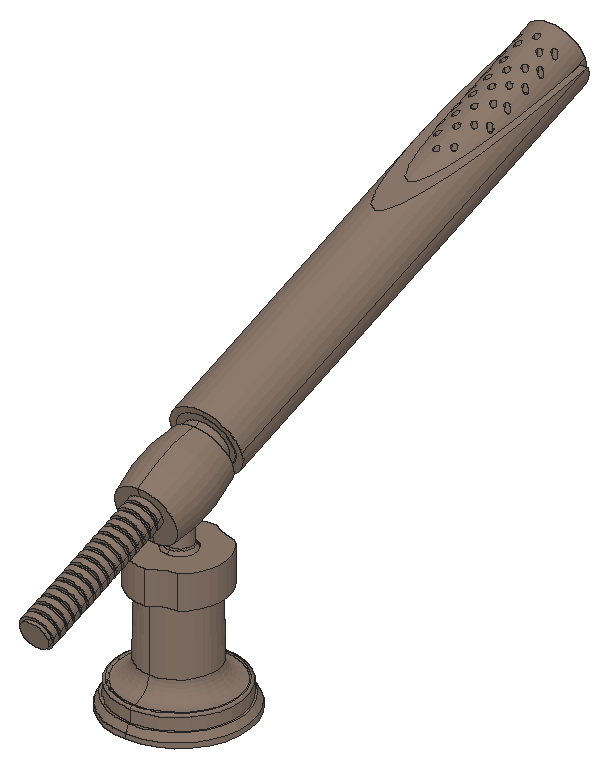
Revit family "fg55085", category Generic Models, host Face, Revit 2013
Parameters (values of type "Champagne Bronze")
  Unit = Bronze
  URL = "www.deltafaucet.com"
  Model = "55085"  # constant formula
  Manufacturer = "Delta"  # constant formula
  Description = "Wall-Mount Hand Shower"
  Default Elevation = 1524.00 mm
Types (5, lengths in mm): name | Unit
  (no name) | Bronze
  Chrome | Metal - Chrome
  Champagne Bronze | Bronze
  Venetian Bronze | Bronze, Architectural
  Stainless | Stainless Steel
Reference planes
  plane 1 "Center (Front/Back)": y = 0
  plane 2: z = 0
  plane 3 "Center (Left/Right)": x = 0
Dimensions and locks
  aligned and locked: plane 2 to host face
  aligned and locked: level to host face
  aligned and locked: plane 1 "Center (Front/Back)" to nested 1
Nested families
  nested 1: "55085" at (255.514, 0, 61.1) x (-1, 0, 0) z (0, 1, 0), type "55085"
Definition of nested family "55085"
  Parameters (values of type "Delta Bath Trinsic 55085")
    URL = "http://www.deltafaucet.com "
    Unit = Stainless Steel
    Model = "55085"
    Manufacturer = "Delta"
    Default Elevation = 1219.20 mm
  Reference planes
    plane 1 "Center (Front/Back)": y = 0
    plane 2: z = 0
    plane 3 "Center (Left/Right)": x = 0
  Forms (mm)
    Sweep 1, solid, material "Stainless Steel" <- "Unit"
      path origin (255, -845.935, -495.26) x (0, 0.984648, -0.174554) y (0, 0.174554, 0.984648)
        loop
          line (710.282, 643.435) -> (611.295, 814.886)
      profile origin (255, -68.013, 107.363) x (0, -0.940007, -0.341156) y (1, 0, 0)
        loop
          circle (0, 0.227) r 12
    Sweep 2, solid, material "Stainless Steel" <- "Unit"
      path origin (255, -845.806, -495.213) x (0, 0.984648, -0.174554) y (0, 0.174554, 0.984648)
        loop
          line (710.282, 643.435) -> (612.782, 812.31)
      profile origin (255, -67.377, 106.012) x (0, -0.940007, -0.341156) y (1, 0, 0)
        loop
          circle (0, 0) r 15
    Extrusion 3, void
      sketch origin (0, -304.323, 39.591) x (0, 0.984648, -0.174554) y (0, 0.174554, 0.984648)
        loop
          line (172.965, 191.199) -> (159.417, 183.377) -> (208.801, 97.841) -> (172.965, 191.199)
      from 238.253 to 272.352
    Extrusion 4, void
      sketch origin (0, -39.048, -13.466) x (1, 0, 0) y (0, 0.174554, 0.984648)
        loop
          circle (247.066, 187.598) r 1.252
      from 100.233 to 104.605
    Extrusion 5, void
      sketch origin (8.026, -39.048, -13.466) x (1, 0, 0) y (0, 0.174554, 0.984648)
        loop
          circle (247.066, 187.598) r 1.252
      from 100.233 to 108.481
    Extrusion 6, void
      sketch origin (509.993, -39.048, -13.466) x (-1, 0, 0) y (0, -0.174554, -0.984648)
        loop
          circle (247.066, -187.598) r 1.252
      from 100.233 to 104.605
    Extrusion 7, void
      sketch origin (3.493, -39.708, -17.191) x (1, 0, 0) y (0, 0.174554, 0.984648)
        loop
          circle (247.066, 187.598) r 1.252
      from 100.233 to 104.605
    Extrusion 8, void
      sketch origin (-0.35, -40.324, -20.668) x (1, 0, 0) y (0, 0.174554, 0.984648)
        loop
          circle (247.066, 187.598) r 1.252
      from 95.527 to 99.496
    Extrusion 9, void
      sketch origin (506.691, -39.708, -17.191) x (-1, 0, 0) y (0, -0.174554, -0.984648)
        loop
          circle (247.066, -187.598) r 1.252
      from 100.233 to 104.605
    Extrusion 10, void
      sketch origin (16.212, -40.324, -20.668) x (1, 0, 0) y (0, 0.174554, 0.984648)
        loop
          circle (247.066, 187.598) r 1.252
      from 95.527 to 101.363
    Extrusion 11, void
      sketch origin (506.691, 24.543, 345.242) x (-1, 0, 0) y (0, -0.174554, -0.984648)
        loop
          circle (247.066, 187.598) r 1.252
      from 97.091 to 101.363
    Extrusion 12, void
      sketch origin (3.493, 24.543, 345.242) x (1, 0, 0) y (0, 0.174554, 0.984648)
        loop
          circle (247.066, -187.598) r 1.252
      from 97.091 to 101.363
    Extrusion 13, void
      sketch origin (8.026, 23.882, 341.517) x (1, 0, 0) y (0, 0.174554, 0.984648)
        loop
          circle (247.066, -187.598) r 1.252
      from 95.527 to 100.233
    Extrusion 14, void
      sketch origin (506.691, -42.27, -31.645) x (-1, 0, 0) y (0, -0.174554, -0.984648)
        loop
          circle (247.066, -187.598) r 1.252
      from 93.094 to 97.091
    Extrusion 15, void
      sketch origin (16.212, 22.597, 334.266) x (1, 0, 0) y (0, 0.174554, 0.984648)
        loop
          circle (247.066, -187.598) r 1.252
      from 88.183 to 95.527
    Extrusion 16, void
      sketch origin (3.493, -42.27, -31.645) x (1, 0, 0) y (0, 0.174554, 0.984648)
        loop
          circle (247.066, 187.598) r 1.252
      from 93.094 to 97.091
    Extrusion 17, void
      sketch origin (493.971, 22.379, 333.035) x (-1, 0, 0) y (0, -0.174554, -0.984648)
        loop
          circle (247.066, 187.598) r 1.252
      from 86.622 to 95.527
    Extrusion 18, void
      sketch origin (-0.35, -41.605, -27.895) x (1, 0, 0) y (0, 0.174554, 0.984648)
        loop
          circle (247.066, 187.598) r 1.252
      from 91.955 to 95.527
    Extrusion 19, void
      sketch origin (16.303, -41.605, -27.895) x (1, 0, 0) y (0, 0.174554, 0.984648)
        loop
          circle (247.066, 187.598) r 1.252
      from 91.955 to 95.527
    Extrusion 20, void
      sketch origin (8.026, 22.601, 334.291) x (1, 0, 0) y (0, 0.174554, 0.984648)
        loop
          circle (247.066, -187.598) r 1.252
      from 91.955 to 97.091
    Extrusion 21, void
      sketch origin (506.691, -43.551, -38.872) x (-1, 0, 0) y (0, -0.174554, -0.984648)
        loop
          circle (247.066, -187.598) r 1.252
      from 88.183 to 93.094
    Extrusion 22, void
      sketch origin (16.212, 21.316, 327.039) x (1, 0, 0) y (0, 0.174554, 0.984648)
        loop
          circle (247.066, -187.598) r 1.252
      from 83.593 to 88.183
    Extrusion 23, void
      sketch origin (3.493, -43.66, -39.487) x (1, 0, 0) y (0, 0.174554, 0.984648)
        loop
          circle (247.066, 187.598) r 1.252
      from 88.183 to 92.571
    Extrusion 24, void
      sketch origin (8.026, 21.102, 325.833) x (1, 0, 0) y (0, 0.174554, 0.984648)
        loop
          circle (247.066, -187.598) r 1.252
      from 87.491 to 91.345
    Extrusion 25, void
      sketch origin (506.691, -45.051, -47.329) x (-1, 0, 0) y (0, -0.174554, -0.984648)
        loop
          circle (247.066, -187.598) r 1.252
      from 83.593 to 88.183
    Extrusion 26, void
      sketch origin (16.212, 20.035, 319.812) x (1, 0, 0) y (0, 0.174554, 0.984648)
        loop
          circle (247.066, -187.598) r 1.252
      from 79.055 to 84.188
    Extrusion 27, void
      sketch origin (493.971, 20.879, 324.577) x (-1, 0, 0) y (0, -0.174554, -0.984648)
        loop
          circle (247.066, 187.598) r 1.252
      from 82.15 to 86.422
    Extrusion 28, void
      sketch origin (3.493, -45.269, -48.56) x (1, 0, 0) y (0, 0.174554, 0.984648)
        loop
          circle (247.066, 187.598) r 1.252
      from 83.1 to 86.919
    Extrusion 29, void
      sketch origin (8.026, 19.603, 317.375) x (1, 0, 0) y (0, 0.174554, 0.984648)
        loop
          circle (247.066, -187.598) r 1.252
      from 81.838 to 85.248
    Extrusion 30, void
      sketch origin (506.691, -46.55, -55.787) x (-1, 0, 0) y (0, -0.174554, -0.984648)
        loop
          circle (247.066, -187.598) r 1.252
      from 78.658 to 83.593
    Extrusion 31, void
      sketch origin (8.026, 17.857, 307.529) x (1, 0, 0) y (0, 0.174554, 0.984648)
        loop
          circle (247.066, -187.598) r 1.252
      from 76.205 to 79.557
    Extrusion 32, void
      sketch origin (3.493, -46.991, -58.275) x (1, 0, 0) y (0, 0.174554, 0.984648)
        loop
          circle (247.066, 187.598) r 1.252
      from 81.19 to 77.51
    Revolve 33, solid, material "Stainless Steel" <- "Unit"
      sketch origin (255.514, 61.1, -28.25) x (0, 1, 0) y (0, 0, 1)
        loop
          line (-2, 28.25) -> (0, 28.25) -> (0, 56.5) -> (-2, 56.5) -> (-2, 28.25)
        axis (0, 28.25) -> (-2, 28.25)
      angle from 0 to 360
    Revolve 34, solid, material "Stainless Steel" <- "Unit"
      sketch origin (255.514, 61.1, -28.25) x (0, 1, 0) y (0, 0, 1)
        loop
          line (-5, 28.25) -> (-2, 28.25) -> (-2, 56.5) -> (-5, 54.65) -> (-5, 28.25)
        axis (-2, 28.25) -> (-5, 28.25)
      angle from 0 to 360
    Revolve 35, solid, material "Stainless Steel" <- "Unit"
      sketch origin (255.514, 61.1, -28.25) x (0, 1, 0) y (0, 0, 1)
        loop
          line (-5, 28.25) -> (-5, 53.635) -> (-10.009, 53.548)
          arc (-10.009, 53.548) -> (-10.71, 53.258) -> (-11, 52.556) r 0.991
          line (-11, 52.556) -> (-11, 28.25) -> (-5, 28.25)
        axis (-5, 28.25) -> (-11, 28.25)
      angle from 0 to 360
    Revolve 36, solid, material "Stainless Steel" <- "Unit"
      sketch origin (255.514, 61.1, -28.25) x (0, 1, 0) y (0, 0, 1)
        loop
          arc (-11, 51.649) -> (-13.312, 46.068) -> (-18.893, 43.756) r 7.893
          line (-18.893, 43.756) -> (-47.1, 43.263) -> (-47.1, 28.25) -> (-11, 28.25) -> (-11, 51.649)
        axis (-11, 28.25) -> (-47.1, 28.25)
      angle from 0 to 360
    Sweep 37, solid, material "Stainless Steel" <- "Unit"
      path origin (255.514, 61.1, -28.25) x (0, 1, 0) y (0, 0, 1)
        loop
          line (-47.1, 28.25) -> (-61.1, 28.25)
      profile origin (255.514, 7, 0) x (0, 0, -1) y (1, 0, 0)
        loop
          arc (-15.013, -11.519) -> (0, -18.923) -> (15.013, -11.519) r 18.923
          arc (15.013, -11.519) -> (16.21, -5.9) -> (18.905, -0.826) r 20.709
          arc (18.905, -0.826) -> (13.381, 13.381) -> (-0.826, 18.905) r 18.923
          arc (-0.826, 18.905) -> (-5.9, 16.21) -> (-11.519, 15.013) r 20.709
          arc (-11.519, 15.013) -> (-17.15, 7.997) -> (-18.905, -0.826) r 18.923
          arc (-18.905, -0.826) -> (-16.21, -5.9) -> (-15.013, -11.519) r 20.709
    Revolve 38, solid, material "Stainless Steel" <- "Unit"
      sketch origin (255, -33.9, 0) x (0, 1, 0) y (0, 0, 1)
        loop
          arc (35.005, 7.007) -> (33.763, 6.334) -> (32.667, 5.443) r 7.62
          arc (32.667, 5.443) -> (32.259, 5.174) -> (31.778, 5.084) r 1.245
          line (31.778, 5.084) -> (31.778, 0) -> (35.005, 0) -> (35.005, 7.007)
        axis (35.005, 0) -> (31.778, 0)
      angle from 0 to 360
    Revolve 39, solid, material "Stainless Steel" <- "Unit"
      sketch origin (255, -33.9, 0) x (0, 1, 0) y (0, 0, 1)
        loop
          line (31.778, 0) -> (31.778, 5.084) -> (21.833, 5.084) -> (21.833, 0) -> (31.778, 0)
        axis (31.778, 0) -> (21.833, 0)
      angle from 0 to 360
    Revolve 40, solid, material "Stainless Steel" <- "Unit"
      sketch origin (255, -33.9, 0) x (0, 1, 0) y (0, 0, 1)
        loop
          line (14.464, -17.705) -> (26.681, -13.258)
          arc (26.681, -13.258) -> (23.047, 2.1) -> (15.96, 16.2) r 67.785
          line (15.96, 16.2) -> (3.743, 11.754) -> (14.464, -17.705)
        axis (14.464, -17.705) -> (3.743, 11.754)
      angle from 0 to 360
    Extrusion 41, void
      sketch origin (0, 0, 0) x (1, 0, 0) y (0, 0, 1)
        loop
          circle (255, 0) r 7.007
      from -1.105 to 2.122
    Sweep 42, solid, material "Stainless Steel" <- "Unit"
      path origin (0, -1.663, 1.753) x (0, 0.996211, 0.086964) y (0, -0.086964, 0.996211)
        loop
          line (-20.05, -24.69) -> (-19.691, -26.032)
      profile origin (0, -19.253, -25.24) x (0, 0.939759, 0.341839) y (1, 0, 0)
        loop
          circle (0, 254.688) r 6
    Sweep 43, solid, material "Stainless Steel" <- "Unit"
      path origin (0, -2.725, 2.845) x (0, 0.996211, 0.086964) y (0, -0.086964, 0.996211)
        loop
          line (-20.346, -23.588) -> (-19.691, -26.032)
      profile origin (0, -20.51, -23.612) x (0, 0.939759, 0.341839) y (1, 0, 0)
        loop
          circle (0.625, 254.688) r 7
    Sweep 44, solid, material "Stainless Steel" <- "Unit"
      path origin (0, -3.003, 5.436) x (0, 0.996211, 0.086964) y (0, -0.086964, 0.996211)
        loop
          line (-20.05, -24.69) -> (-19.691, -26.032)
      profile origin (0, -20.593, -21.556) x (0, 0.939759, 0.341839) y (1, 0, 0)
        loop
          circle (0, 254.688) r 6
    Sweep 45, solid, material "Stainless Steel" <- "Unit"
      path origin (0, -4.065, 6.529) x (0, 0.996211, 0.086964) y (0, -0.086964, 0.996211)
        loop
          line (-20.346, -23.588) -> (-19.691, -26.032)
      profile origin (0, -21.85, -19.928) x (0, 0.939759, 0.341839) y (1, 0, 0)
        loop
          circle (0.625, 254.688) r 7
    Sweep 46, solid, material "Stainless Steel" <- "Unit"
      path origin (0, -0.323, -1.931) x (0, 0.996211, 0.086964) y (0, -0.086964, 0.996211)
        loop
          line (-20.05, -24.69) -> (-19.691, -26.032)
      profile origin (0, -17.913, -28.924) x (0, 0.939759, 0.341839) y (1, 0, 0)
        loop
          circle (0, 254.688) r 6
    Sweep 47, solid, material "Stainless Steel" <- "Unit"
      path origin (0, -1.385, -0.839) x (0, 0.996211, 0.086964) y (0, -0.086964, 0.996211)
        loop
          line (-20.346, -23.588) -> (-19.691, -26.032)
      profile origin (0, -19.17, -27.296) x (0, 0.939759, 0.341839) y (1, 0, 0)
        loop
          circle (0.625, 254.688) r 7
    Sweep 48, solid, material "Stainless Steel" <- "Unit"
      path origin (0, 1.017, -5.615) x (0, 0.996211, 0.086964) y (0, -0.086964, 0.996211)
        loop
          line (-20.05, -24.69) -> (-19.691, -26.032)
      profile origin (0, -16.573, -32.608) x (0, 0.939759, 0.341839) y (1, 0, 0)
        loop
          circle (0, 254.688) r 6
    Sweep 49, solid, material "Stainless Steel" <- "Unit"
      path origin (0, -0.045, -4.523) x (0, 0.996211, 0.086964) y (0, -0.086964, 0.996211)
        loop
          line (-20.346, -23.588) -> (-19.691, -26.032)
      profile origin (0, -17.83, -30.98) x (0, 0.939759, 0.341839) y (1, 0, 0)
        loop
          circle (0.625, 254.688) r 7
    Sweep 50, solid, material "Stainless Steel" <- "Unit"
      path origin (0, 2.357, -9.299) x (0, 0.996211, 0.086964) y (0, -0.086964, 0.996211)
        loop
          line (-20.05, -24.69) -> (-19.691, -26.032)
      profile origin (0, -15.233, -36.292) x (0, 0.939759, 0.341839) y (1, 0, 0)
        loop
          circle (0, 254.688) r 6
    Sweep 51, solid, material "Stainless Steel" <- "Unit"
      path origin (0, 1.295, -8.207) x (0, 0.996211, 0.086964) y (0, -0.086964, 0.996211)
        loop
          line (-20.346, -23.588) -> (-19.691, -26.032)
      profile origin (0, -16.49, -34.664) x (0, 0.939759, 0.341839) y (1, 0, 0)
        loop
          circle (0.625, 254.688) r 7
    Sweep 52, solid, material "Stainless Steel" <- "Unit"
      path origin (0, 3.697, -12.983) x (0, 0.996211, 0.086964) y (0, -0.086964, 0.996211)
        loop
          line (-20.05, -24.69) -> (-19.691, -26.032)
      profile origin (0, -13.893, -39.976) x (0, 0.939759, 0.341839) y (1, 0, 0)
        loop
          circle (0, 254.688) r 6
    Sweep 53, solid, material "Stainless Steel" <- "Unit"
      path origin (0, 2.635, -11.891) x (0, 0.996211, 0.086964) y (0, -0.086964, 0.996211)
        loop
          line (-20.346, -23.588) -> (-19.691, -26.032)
      profile origin (0, -15.15, -38.347) x (0, 0.939759, 0.341839) y (1, 0, 0)
        loop
          circle (0.625, 254.688) r 7
    Sweep 54, solid, material "Stainless Steel" <- "Unit"
      path origin (0, 5.037, -16.667) x (0, 0.996211, 0.086964) y (0, -0.086964, 0.996211)
        loop
          line (-20.05, -24.69) -> (-19.691, -26.032)
      profile origin (0, -12.553, -43.66) x (0, 0.939759, 0.341839) y (1, 0, 0)
        loop
          circle (0, 254.688) r 6
    Sweep 55, solid, material "Stainless Steel" <- "Unit"
      path origin (0, 3.975, -15.574) x (0, 0.996211, 0.086964) y (0, -0.086964, 0.996211)
        loop
          line (-20.346, -23.588) -> (-19.691, -26.032)
      profile origin (0, -13.81, -42.031) x (0, 0.939759, 0.341839) y (1, 0, 0)
        loop
          circle (0.625, 254.688) r 7
    Sweep 56, solid, material "Stainless Steel" <- "Unit"
      path origin (0, 6.377, -20.35) x (0, 0.996211, 0.086964) y (0, -0.086964, 0.996211)
        loop
          line (-20.05, -24.69) -> (-19.691, -26.032)
      profile origin (0, -11.213, -47.343) x (0, 0.939759, 0.341839) y (1, 0, 0)
        loop
          circle (0, 254.688) r 6
    Sweep 57, solid, material "Stainless Steel" <- "Unit"
      path origin (0, 5.315, -19.258) x (0, 0.996211, 0.086964) y (0, -0.086964, 0.996211)
        loop
          line (-20.346, -23.588) -> (-19.691, -26.032)
      profile origin (0, -12.47, -45.715) x (0, 0.939759, 0.341839) y (1, 0, 0)
        loop
          circle (0.625, 254.688) r 7
    Sweep 58, solid, material "Stainless Steel" <- "Unit"
      path origin (0, 7.717, -24.034) x (0, 0.996211, 0.086964) y (0, -0.086964, 0.996211)
        loop
          line (-20.05, -24.69) -> (-19.691, -26.032)
      profile origin (0, -9.873, -51.027) x (0, 0.939759, 0.341839) y (1, 0, 0)
        loop
          circle (0, 254.688) r 6
    Sweep 59, solid, material "Stainless Steel" <- "Unit"
      path origin (0, 6.655, -22.942) x (0, 0.996211, 0.086964) y (0, -0.086964, 0.996211)
        loop
          line (-20.346, -23.588) -> (-19.691, -26.032)
      profile origin (0, -11.13, -49.399) x (0, 0.939759, 0.341839) y (1, 0, 0)
        loop
          circle (0.625, 254.688) r 7
    Sweep 60, solid, material "Stainless Steel" <- "Unit"
      path origin (0, 9.057, -27.718) x (0, 0.996211, 0.086964) y (0, -0.086964, 0.996211)
        loop
          line (-20.05, -24.69) -> (-19.691, -26.032)
      profile origin (0, -8.533, -54.711) x (0, 0.939759, 0.341839) y (1, 0, 0)
        loop
          circle (0, 254.688) r 6
    Sweep 61, solid, material "Stainless Steel" <- "Unit"
      path origin (0, 7.995, -26.626) x (0, 0.996211, 0.086964) y (0, -0.086964, 0.996211)
        loop
          line (-20.346, -23.588) -> (-19.691, -26.032)
      profile origin (0, -9.79, -53.083) x (0, 0.939759, 0.341839) y (1, 0, 0)
        loop
          circle (0.625, 254.688) r 7
    Sweep 62, solid, material "Stainless Steel" <- "Unit"
      path origin (0, 10.397, -31.402) x (0, 0.996211, 0.086964) y (0, -0.086964, 0.996211)
        loop
          line (-20.05, -24.69) -> (-19.691, -26.032)
      profile origin (0, -7.193, -58.395) x (0, 0.939759, 0.341839) y (1, 0, 0)
        loop
          circle (0, 254.688) r 6
    Sweep 63, solid, material "Stainless Steel" <- "Unit"
      path origin (0, 9.335, -30.31) x (0, 0.996211, 0.086964) y (0, -0.086964, 0.996211)
        loop
          line (-20.346, -23.588) -> (-19.691, -26.032)
      profile origin (0, -8.45, -56.767) x (0, 0.939759, 0.341839) y (1, 0, 0)
        loop
          circle (0.625, 254.688) r 7
    Sweep 64, solid, material "Stainless Steel" <- "Unit"
      path origin (0, 11.737, -35.086) x (0, 0.996211, 0.086964) y (0, -0.086964, 0.996211)
        loop
          line (-20.05, -24.69) -> (-19.691, -26.032)
      profile origin (0, -5.853, -62.079) x (0, 0.939759, 0.341839) y (1, 0, 0)
        loop
          circle (0, 254.688) r 6
    Sweep 65, solid, material "Stainless Steel" <- "Unit"
      path origin (0, 10.675, -33.994) x (0, 0.996211, 0.086964) y (0, -0.086964, 0.996211)
        loop
          line (-20.346, -23.588) -> (-19.691, -26.032)
      profile origin (0, -7.11, -60.45) x (0, 0.939759, 0.341839) y (1, 0, 0)
        loop
          circle (0.625, 254.688) r 7
    Sweep 66, solid, material "Stainless Steel" <- "Unit"
      path origin (0, 13.077, -38.77) x (0, 0.996211, 0.086964) y (0, -0.086964, 0.996211)
        loop
          line (-20.05, -24.69) -> (-19.691, -26.032)
      profile origin (0, -4.513, -65.763) x (0, 0.939759, 0.341839) y (1, 0, 0)
        loop
          circle (0, 254.688) r 6
    Sweep 67, solid, material "Stainless Steel" <- "Unit"
      path origin (0, 12.015, -37.677) x (0, 0.996211, 0.086964) y (0, -0.086964, 0.996211)
        loop
          line (-20.346, -23.588) -> (-19.691, -26.032)
      profile origin (0, -5.77, -64.134) x (0, 0.939759, 0.341839) y (1, 0, 0)
        loop
          circle (0.625, 254.688) r 7
    Sweep 68, solid, material "Stainless Steel" <- "Unit"
      path origin (0, 14.417, -42.454) x (0, 0.996211, 0.086964) y (0, -0.086964, 0.996211)
        loop
          line (-20.05, -24.69) -> (-19.691, -26.032)
      profile origin (0, -3.173, -69.446) x (0, 0.939759, 0.341839) y (1, 0, 0)
        loop
          circle (0, 254.688) r 6
    Sweep 69, solid, material "Stainless Steel" <- "Unit"
      path origin (0, 13.355, -41.361) x (0, 0.996211, 0.086964) y (0, -0.086964, 0.996211)
        loop
          line (-20.346, -23.588) -> (-19.691, -26.032)
      profile origin (0, -4.43, -67.818) x (0, 0.939759, 0.341839) y (1, 0, 0)
        loop
          circle (0.625, 254.688) r 7
    Sweep 70, solid, material "Stainless Steel" <- "Unit"
      path origin (0, 15.757, -46.137) x (0, 0.996211, 0.086964) y (0, -0.086964, 0.996211)
        loop
          line (-20.05, -24.69) -> (-19.691, -26.032)
      profile origin (0, -1.833, -73.13) x (0, 0.939759, 0.341839) y (1, 0, 0)
        loop
          circle (0, 254.688) r 6
    Sweep 71, solid, material "Stainless Steel" <- "Unit"
      path origin (0, 14.695, -45.045) x (0, 0.996211, 0.086964) y (0, -0.086964, 0.996211)
        loop
          line (-20.346, -23.588) -> (-19.691, -26.032)
      profile origin (0, -3.09, -71.502) x (0, 0.939759, 0.341839) y (1, 0, 0)
        loop
          circle (0.625, 254.688) r 7
    Sweep 72, solid, material "Stainless Steel" <- "Unit"
      path origin (0, 17.097, -49.821) x (0, 0.996211, 0.086964) y (0, -0.086964, 0.996211)
        loop
          line (-20.05, -24.69) -> (-19.691, -26.032)
      profile origin (0, -0.493, -76.814) x (0, 0.939759, 0.341839) y (1, 0, 0)
        loop
          circle (0, 254.688) r 6
    Sweep 73, solid, material "Stainless Steel" <- "Unit"
      path origin (0, 16.035, -48.729) x (0, 0.996211, 0.086964) y (0, -0.086964, 0.996211)
        loop
          line (-20.346, -23.588) -> (-19.691, -26.032)
      profile origin (0, -1.75, -75.186) x (0, 0.939759, 0.341839) y (1, 0, 0)
        loop
          circle (0.625, 254.688) r 7
    Revolve 74, solid, material "Stainless Steel" <- "Unit"
      sketch origin (255, 0, 0) x (0, 1, 0) y (0, 0, 1)
        loop
          line (-34.11, 14.348) -> (-32.814, 10.787) -> (-24.159, 13.937) -> (-25.455, 17.498) -> (-34.11, 14.348)
        axis (-34.11, 14.348) -> (-32.814, 10.787)
      angle from 0 to 360
  Cuts and joins
    Extrusion 3, Extrusion 4, Extrusion 10, Extrusion 14, Extrusion 15, Extrusion 16, Extrusion 17, Extrusion 18, Extrusion 19, Extrusion 20, Extrusion 21, Extrusion 22, Extrusion 23, Extrusion 24, Extrusion 25, Extrusion 26, Extrusion 27, Extrusion 28, Extrusion 29, Extrusion 30, Extrusion 31, Extrusion 32 cuts Sweep 2
    Extrusion 4, Extrusion 5, Extrusion 6, Extrusion 7, Extrusion 8, Extrusion 9, Extrusion 10, Extrusion 11, Extrusion 12, Extrusion 13, Extrusion 14, Extrusion 15, Extrusion 16, Extrusion 17, Extrusion 18, Extrusion 19, Extrusion 20, Extrusion 21, Extrusion 22, Extrusion 23, Extrusion 24, Extrusion 25, Extrusion 26, Extrusion 27, Extrusion 28, Extrusion 29, Extrusion 30, Extrusion 31, Extrusion 32 cuts Sweep 1
    Extrusion 41 cuts Sweep 37
    Extrusion 41 cuts Revolve 40
